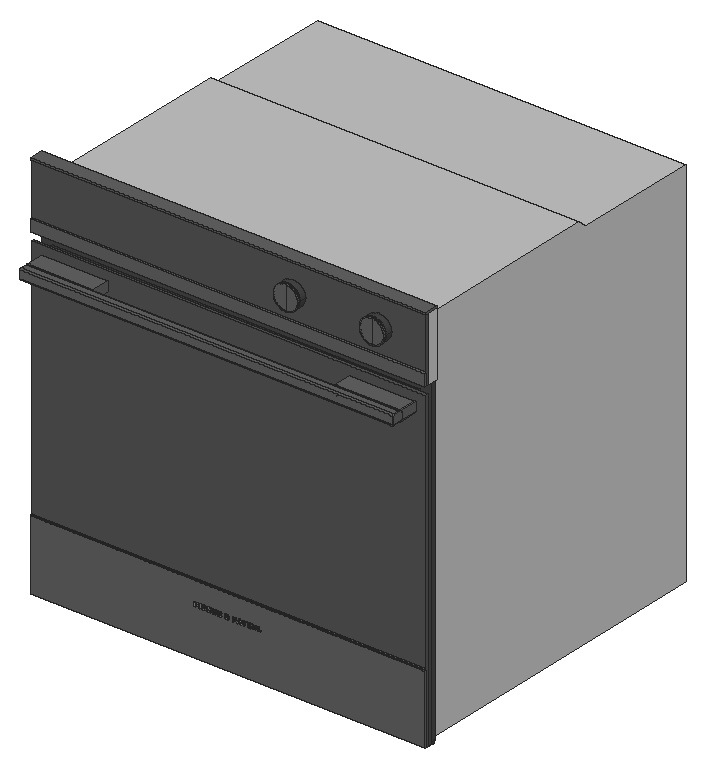
Revit family "FP_Revit_18_OB60SD9PB1_Oven_90000942A", category Specialty Equipment, Revit 2018
Family settings
  Round Connector Dimension = Use Diameter
  Part Type = Normal
  OmniClass Number = 23.40.40.14.17.11
  OmniClass Title = Cookers, Ovens, Stoves
  Work Plane-Based = No
  Always vertical = Yes
  Cut with Voids When Loaded = Yes
  Shared = No
  Room Calculation Point = No
Parameters (values of type "OB60SD9PB1")
  Visibility - Clearance Required = yes
  URL = "www.fisherpaykel.com"
  Product - Width = 596 mm  # constant formula
  Product - Height = 598 mm  # constant formula
  Product - Depth = 565 mm  # constant formula
  Model = "OB60SD9PB1"
  Material - Trim = Fisher & Paykel - Aluminium, Dark
  Material - Structure = Fisher & Paykel - Black
  Material - Handle = Fisher & Paykel - Aluminium, Dark
  Material - Glass = Fisher & Paykel - Glass, Black
  Material - Buttons and Dials = Fisher & Paykel - Black
  Material - Body = Fisher & Paykel - Grey
  Manufacturer = "Fisher & Paykel Appliances"
  FFL Offset [instance] = 200 mm
  Description = "60cm Built-In Oven"
  Connector Note - Electrical = "230 V, 60 Hz, 13.3 A"
  Chassis - Width = 556 mm  # constant formula
  Chassis - Height = 575 mm  # constant formula
  Chassis - Depth = 545 mm  # constant formula
  Cavity - Width = 600 mm  # constant formula
  Cavity - Height = 600 mm  # constant formula
  Cavity - Depth = 550 mm  # constant formula
Reference planes
  plane 1 "Datum": y = 0
  plane 2: z = 0
  plane 3 "Center (Left/Right)": x = 0
  plane 4 "Cavity": z = 780
  plane 5 "Product Height": z = 798
  plane 6 "Product LHS": x = -298
  plane 7 "Product RHS": x = 298
  plane 8 "Cavity LHS": x = -300
  plane 9 "Cavity RHS": x = 300
  plane 10 "Cavity - Depth": y = 550
  plane 11 "Product Depth": y = 545
  plane 12 "Front Face": y = -20
  plane 13 "FFL Offset": z = 200
  plane 14 "Cavity Height": z = 800
Forms (mm)
  Extrusion 1, solid, material "Fisher & Paykel - Grey" <- "Material - Body"
    sketch origin (0, 0, 0) x (0, 1, 0) y (0, 0, 1)
      loop
        line (0, 200) -> (525, 200) -> (525, 393.99) -> (545, 413.99) -> (545, 609.73) -> (495, 659.73) -> (495, 764.6) -> (307.721, 764.6) -> (293.958, 775) -> (0, 775) -> (0, 200)
    from -278 to 278
  Extrusion 2, void
    sketch origin (0, 0, 0) x (1, 0, 0) y (0, 1, 0)
      loop
        line (-278, 495) -> (-229.13, 495) -> (-179.13, 545) -> (-278, 545) -> (-278, 495)
      loop
        line (278, 495) -> (278, 545) -> (94.617, 545) -> (114.617, 525) -> (199.13, 525) -> (229.13, 495) -> (278, 495)
    from 200 to 764.6
  Extrusion 3, solid, material "Fisher & Paykel - Aluminium, Dark" <- "Material - Trim"
    sketch origin (0, 0, 0) x (0, 1, 0) y (0, 0, 1)
      loop
        line (0, 798) -> (-20.5, 798) -> (-20.5, 795.1) -> (0, 795.1) -> (0, 798)
    from -298 to 298
  Extrusion 4, solid, material "Fisher & Paykel - Grey" <- "Material - Body"
    sketch origin (0, 0, 0) x (0, 1, 0) y (0, 0, 1)
      loop
        line (-16, 795.1) -> (-16, 698) -> (0, 698) -> (0, 795.1) -> (-16, 795.1)
    from -298 to 298
  Extrusion 5, solid, material "Fisher & Paykel - Glass, Black" <- "Material - Glass"
    sketch origin (0, 0, 0) x (1, 0, 0) y (0, 0, 1)
      loop
        line (-298, 685.2) -> (-298, 208.6) -> (298, 208.6) -> (298, 685.2) -> (-298, 685.2)
      loop
        line (-298, 698) -> (298, 698) -> (298, 794.5) -> (-298, 794.5) -> (-298, 698)
    from 16 to 20
  Extrusion 6, solid, material "Fisher & Paykel - Black" <- "Material - Structure"
    sketch origin (0, 0, 0) x (0, 1, 0) y (0, 0, 1)
      loop
        line (-13.8, 683.7) -> (-16, 683.7) -> (-16, 224.7) -> (-5, 224.7) -> (-5, 680.497) -> (-13.8, 683.7)
    from -277 to 277
  Extrusion 7, solid, material "Fisher & Paykel - Black" <- "Material - Structure"
    sketch origin (0, 0, 0) x (1, 0, 0) y (0, 0, 1)
      loop
        line (-295, 698) -> (-295, 209.536)
        arc (-295, 209.536) -> (-292.207, 202.793) -> (-285.464, 200) r 9.536
        line (-285.464, 200) -> (285.5, 200)
        arc (285.5, 200) -> (292.218, 202.782) -> (295, 209.5) r 9.5
        line (295, 209.5) -> (295, 698) -> (-295, 698)
    from 0 to 5
  Sweep 8, solid, material "Fisher & Paykel - Black"
    path origin (-195.035, 0, 0) x (0, 1, 0) y (0, 0, 1)
      loop
        line (478.272, 708.8) -> (498.6, 708.8)
        arc (498.6, 708.8) -> (507.085, 705.285) -> (510.6, 696.8) r 12
        line (510.6, 696.8) -> (510.6, 678.8)
    profile origin (-195.035, 488.436, 708.8) x (0, 0, 1) y (1, 0, 0)
      loop
        line (0, 11) -> (-11, 11) -> (-11, -11) -> (0, -11)
        arc (0, -11) -> (11, 0) -> (0, 11) r 11
  Extrusion 9, solid, material "Fisher & Paykel - Clearance Required", visible <- "Visibility - Clearance Required", detail levels coarse
    sketch origin (0, 0, 0) x (0, 1, 0) y (0, 0, 1)
      loop
        line (-21.6, 227.528) -> (-21.6, 200) -> (0, 200) -> (0, 800) -> (-21.6, 800) -> (-21.6, 685.18)
        arc (-21.6, 685.18) -> (-333.147, 559.899) -> (-479.9, 257.872) r 466.605
        line (-479.9, 257.872) -> (-465.169, 256.897) -> (-467.944, 214.989) -> (-455.498, 214.164) -> (-452.723, 256.073) -> (-21.6, 227.528)
    from -300 to 300
  Extrusion 10, solid, material "Fisher & Paykel - Clearance Required", visible <- "Visibility - Clearance Required", detail levels coarse
    sketch origin (0, 0, 0) x (1, 0, 0) y (0, 1, 0)
      loop
        line (-280, 0) -> (280, 0) -> (280, 550) -> (-280, 550) -> (-280, 0)
    from 200 to 780
  Extrusion 11, void
    sketch origin (0, 0, 0) x (1, 0, 0) y (0, 1, 0)
      loop
        line (-300, -21.6) -> (300, -21.6) -> (300, 0) -> (-300, 0) -> (-300, -21.6)
    from 200 to 800
  Extrusion 12, solid, material "Fisher & Paykel - Aluminium, Dark" <- "Material - Trim", detail levels medium+fine
    sketch origin (0, -2000, 0) x (0, 1, 0) y (0, 0, 1)
      loop
        line (1980, 316.326) -> (1978.666, 314.661)
        arc (1978.666, 314.661) -> (1978.468, 314.306) -> (1978.4, 313.905) r 1.209
        line (1978.4, 313.905) -> (1978.4, 208.6) -> (1980, 208.6) -> (1980, 316.326)
    from -298 to 298
  Extrusion 13, solid, material "Fisher & Paykel - Aluminium, Dark" <- "Material - Trim", detail levels fine
    sketch origin (0, 0, 0) x (0, 1, 0) y (0, 0, 1)
      loop
        line (-21.7, 715.525) -> (-21.7, 698) -> (-20, 698) -> (-20, 717.528) -> (-21.7, 715.525)
    from -298 to 298
  Extrusion 14, void
    sketch origin (0, 0, 0) x (1, 0, 0) y (0, 1, 0)
      loop
        line (-280, 550) -> (-280, 0) -> (280, 0) -> (280, 550) -> (-280, 550)
    from 200 to 780
  Extrusion 15, solid, material "Fisher & Paykel - Black" <- "Material - Buttons and Dials", detail levels medium+fine
    sketch origin (0, 0, 0) x (1, 0, 0) y (0, 0, 1)
      loop
        circle (226.982, 752.85) r 18.8
      loop
        circle (96.982, 752.85) r 18.797
    from 20 to 30.5
  Revolve 16, solid, material "Fisher & Paykel - Aluminium, Dark" <- "Material - Trim", detail levels medium+fine
    sketch origin (96.961, 0, 0) x (0, 1, 0) y (0, 0, 1)
      loop
        line (-33.5, 752.858) -> (-30.5, 752.858) -> (-30.5, 771.1)
        arc (-30.5, 771.1) -> (-30.66, 771.487) -> (-31.048, 771.647) r 0.548
        line (-31.048, 771.647) -> (-32.964, 771.647)
        arc (-32.964, 771.647) -> (-33.343, 771.49) -> (-33.5, 771.112) r 0.536
        line (-33.5, 771.112) -> (-33.5, 752.858)
      axis (-30.5, 752.858) -> (-33.5, 752.858)
    angle from 0 to 360
  Revolve 17, solid, material "Fisher & Paykel - Aluminium, Dark" <- "Material - Trim", detail levels medium+fine
    sketch origin (226.961, 0, 0) x (0, 1, 0) y (0, 0, 1)
      loop
        line (-33.5, 752.858) -> (-30.5, 752.858) -> (-30.5, 771.1)
        arc (-30.5, 771.1) -> (-30.66, 771.487) -> (-31.048, 771.647) r 0.548
        line (-31.048, 771.647) -> (-32.964, 771.647)
        arc (-32.964, 771.647) -> (-33.343, 771.49) -> (-33.5, 771.112) r 0.536
        line (-33.5, 771.112) -> (-33.5, 752.858)
      axis (-30.5, 752.858) -> (-33.5, 752.858)
    angle from 0 to 360
Cuts and joins
  Extrusion 2 cuts Extrusion 1
Lines and regions (mm)
  model lines, style "Fisher & Paykel"
    curve 1: line (217.5, -20, 334.2) -> (-217.5, -20, 334.2)
    curve 2: line (217.5, -20, 617.436) -> (217.5, -20, 334.2)
    curve 3: line (-217.5, -20, 617.436) -> (217.5, -20, 617.436)
    curve 4: line (-217.5, -20, 334.2) -> (-217.5, -20, 617.436)
Text (mm)
  text "Disclaimer:\nWe endeavor to maintain the accuracy of our 3D content.\nHowever, product details are subject to change without notice.\nPlease refer to the product Data Sheets for the most current product information." at (41.04, -568.295, 0), in view "Ref. Level (Plan)"
Dimensions and locks
  equal spacing: plane 6 "Product LHS", plane 3 "Center (Left/Right)", plane 7 "Product RHS"
  "Product - Width": plane 6 "Product LHS" to plane 7 "Product RHS"
  equal spacing: plane 8 "Cavity LHS", plane 3 "Center (Left/Right)", plane 9 "Cavity RHS"
  "Cavity - Width": plane 8 "Cavity LHS" to plane 9 "Cavity RHS"
  "Cavity - Depth": plane 10 "Cavity - Depth" to plane 1 "Datum"
  "Chassis - Depth": plane 11 "Product Depth" to plane 1 "Datum"
  plane 12 "Front Face" to plane 1 "Datum" = 20 mm
  "Product - Depth": plane 11 "Product Depth" to plane 12 "Front Face"
  "Chassis - Width": cut or joined group of Extrusion 1, Extrusion 2 to cut or joined group of Extrusion 1, Extrusion 2
  "FFL Offset": plane 13 "FFL Offset" to level
  "Product - Height": plane 5 "Product Height" to plane 13 "FFL Offset"
  "Cavity - Height": Extrusion 9 to plane 13 "FFL Offset"
  locked: plane 4 "Cavity" to plane 13 "FFL Offset" at 580
  locked: nested 2 to plane 13 "FFL Offset" at 78.956
  locked: Extrusion 5 to plane 13 "FFL Offset" at 8.6
  locked: Extrusion 6 to plane 13 "FFL Offset" at 24.7
  locked: Extrusion 12 to plane 13 "FFL Offset" at 8.6
  "Cavity - Height": plane 14 "Cavity Height" to plane 13 "FFL Offset"
  locked: cut or joined group of Extrusion 1, Extrusion 2 to plane 13 "FFL Offset" at 564.6
  locked: plane 5 "Product Height" to nested 1 at 125.8
  locked: curve 1 to plane 13 "FFL Offset" at 134.2
  locked: curve 3 to plane 13 "FFL Offset" at 417.436
  aligned and locked: level to plane 2
  aligned and locked: plane 8 "Cavity LHS" to Extrusion 9
  aligned and locked: Extrusion 9 to plane 9 "Cavity RHS"
  aligned and locked: Extrusion 1 sketch curve to plane 13 "FFL Offset"
  aligned and locked: Extrusion 1 to Extrusion 2
  aligned and locked: Extrusion 2 to Extrusion 1
  aligned and locked: plane 13 "FFL Offset" to Extrusion 9 sketch curve
  aligned and locked: plane 13 "FFL Offset" to Extrusion 7 sketch curve
  aligned and locked: Extrusion 14 to cut or joined group of Extrusion 1, Extrusion 2
  aligned and locked: plane 4 "Cavity" to Extrusion 14
  aligned and locked: plane 4 "Cavity" to Extrusion 10
  aligned and locked: Extrusion 10 to cut or joined group of Extrusion 1, Extrusion 2
  aligned and locked: Extrusion 11 to cut or joined group of Extrusion 1, Extrusion 2
  aligned and locked: Extrusion 11 to Extrusion 9
  aligned and locked: plane 14 "Cavity Height" to Extrusion 11
Automatic sketch dimensions
  Extrusion 1 sketch curve to plane 1 "Datum" = 0 mm
  Extrusion 1 sketch curve to plane 11 "Product Depth" = 0 mm
  Extrusion 1 sketch curve to plane 4 "Cavity" = 5 mm
  Extrusion 1 sketch curve to plane 11 "Product Depth" = 251.042 mm
  Extrusion 1 sketch curve to Extrusion 1 sketch curve = 13.762 mm
  Extrusion 1 sketch curve to plane 4 "Cavity" = 15.4 mm
  Extrusion 1 sketch curve to plane 11 "Product Depth" = 50 mm
  Extrusion 1 sketch curve to plane 11 "Product Depth" = 20 mm
  Extrusion 1 sketch curve to Extrusion 1 sketch curve = 193.99 mm
  Extrusion 1 sketch curve to Extrusion 1 sketch curve = 20 mm
  Extrusion 1 sketch curve to Extrusion 1 sketch curve = 154.87 mm
  Extrusion 1 sketch curve to Extrusion 1 sketch curve = 50 mm
  Extrusion 2 sketch curve to plane 11 "Product Depth" = 0 mm  (x2)
  Extrusion 2 sketch curve to plane 6 "Product LHS" = 20 mm
  Extrusion 2 sketch curve to Extrusion 2 sketch curve = 48.87 mm
  Extrusion 2 sketch curve to Extrusion 2 sketch curve = 50 mm  (x3)
  plane 3 "Center (Left/Right)" to Extrusion 2 sketch curve = 94.617 mm
  Extrusion 2 sketch curve to Extrusion 2 sketch curve = 20 mm
  Extrusion 2 sketch curve to plane 11 "Product Depth" = 20 mm
  Extrusion 2 sketch curve to Extrusion 2 sketch curve = 84.513 mm
  Extrusion 2 sketch curve to Extrusion 2 sketch curve = 30 mm
  plane 7 "Product RHS" to Extrusion 2 sketch curve = 20 mm
  Extrusion 3 sketch curve to plane 1 "Datum" = 0 mm
  Extrusion 3 sketch curve to plane 12 "Front Face" = 0.5 mm
  Extrusion 3 sketch curve to plane 5 "Product Height" = 2.9 mm
  plane 5 "Product Height" to Extrusion 3 sketch curve = 0 mm
  Extrusion 4 sketch curve to plane 1 "Datum" = 0 mm
  plane 12 "Front Face" to Extrusion 4 sketch curve = 4 mm
  Extrusion 4 sketch curve to plane 4 "Cavity" = 82 mm
  Extrusion 4 sketch curve to plane 5 "Product Height" = 2.9 mm
  plane 6 "Product LHS" to Extrusion 5 sketch curve = 0 mm  (x2)
  plane 7 "Product RHS" to Extrusion 5 sketch curve = 0 mm  (x2)
  plane 13 "FFL Offset" to Extrusion 5 sketch curve = 8.6 mm
  Extrusion 5 sketch curve to plane 4 "Cavity" = 94.8 mm
  Extrusion 5 sketch curve to Extrusion 5 sketch curve = 12.8 mm
  Extrusion 5 sketch curve to plane 5 "Product Height" = 3.5 mm
  plane 12 "Front Face" to Extrusion 6 sketch curve = 4 mm
  Extrusion 6 sketch curve to Extrusion 6 sketch curve = 2.2 mm
  plane 1 "Datum" to Extrusion 6 sketch curve = 5 mm
  plane 13 "FFL Offset" to Extrusion 6 sketch curve = 24.7 mm
  Extrusion 6 sketch curve to plane 4 "Cavity" = 99.503 mm
  Extrusion 6 sketch curve to Extrusion 6 sketch curve = 3.203 mm
  Extrusion 7 sketch curve to plane 6 "Product LHS" = 3 mm
  Extrusion 7 sketch curve to Extrusion 7 sketch curve = 9.536 mm
  plane 7 "Product RHS" to Extrusion 7 sketch curve = 12.5 mm
  plane 7 "Product RHS" to Extrusion 7 sketch curve = 3 mm
  Extrusion 7 sketch curve to plane 4 "Cavity" = 82 mm
  curve 1 to plane 6 "Product LHS" = 80.5 mm
  plane 7 "Product RHS" to curve 3 = 80.5 mm
  Sweep 8 sketch curve to plane 11 "Product Depth" = 46.4 mm
  Sweep 8 sketch curve to Sweep 8 sketch curve = 12 mm
  Sweep 8 sketch curve to plane 4 "Cavity" = 83.2 mm
  Sweep 8 sketch curve to Sweep 8 sketch curve = 20.328 mm
  Sweep 8 sketch curve to Sweep 8 sketch curve = 18 mm
  Sweep 8 sketch curve to profile plane = 0 mm  (x2)
  profile plane to Sweep 8 sketch curve = 11 mm
  Sweep 8 sketch curve to profile plane = 11 mm
  Extrusion 9 sketch curve to plane 14 "Cavity Height" = 0 mm
  Extrusion 9 sketch curve to plane 1 "Datum" = 0 mm
  plane 12 "Front Face" to Extrusion 9 sketch curve = 5.051 mm
  Extrusion 9 sketch curve to plane 12 "Front Face" = 1.6 mm  (x2)
  plane 13 "FFL Offset" to Extrusion 9 sketch curve = 56.073 mm
  Extrusion 9 sketch curve to Extrusion 9 sketch curve = 431.123 mm
  plane 13 "FFL Offset" to Extrusion 9 sketch curve = 14.164 mm
  Extrusion 9 sketch curve to Extrusion 9 sketch curve = 2.775 mm
  plane 13 "FFL Offset" to Extrusion 9 sketch curve = 56.897 mm
  Extrusion 9 sketch curve to Extrusion 9 sketch curve = 12.446 mm
  plane 13 "FFL Offset" to Extrusion 9 sketch curve = 57.872 mm
  Extrusion 9 sketch curve to Extrusion 9 sketch curve = 8.905 mm
  Extrusion 10 sketch curve to plane 10 "Cavity - Depth" = 0 mm
  plane 1 "Datum" to Extrusion 10 sketch curve = 0 mm
  Extrusion 10 sketch curve to plane 6 "Product LHS" = 18 mm
  plane 7 "Product RHS" to Extrusion 10 sketch curve = 18 mm
  plane 1 "Datum" to Extrusion 11 sketch curve = 0 mm
  Extrusion 11 sketch curve to plane 8 "Cavity LHS" = 0 mm
  Extrusion 11 sketch curve to plane 9 "Cavity RHS" = 0 mm
  Extrusion 11 sketch curve to plane 12 "Front Face" = 1.6 mm
  Extrusion 12 sketch curve to plane 12 "Front Face" = 0 mm
  Extrusion 12 sketch curve to plane 12 "Front Face" = 0.391 mm
  Extrusion 12 sketch curve to Extrusion 12 sketch curve = 0.943 mm
  Extrusion 12 sketch curve to Extrusion 12 sketch curve = 1.6 mm
  plane 13 "FFL Offset" to Extrusion 12 sketch curve = 8.6 mm
  Extrusion 12 sketch curve to Extrusion 12 sketch curve = 105.305 mm
  Extrusion 12 sketch curve to Extrusion 12 sketch curve = 1.664 mm
  Extrusion 13 sketch curve to plane 12 "Front Face" = 0 mm
  Extrusion 13 sketch curve to plane 12 "Front Face" = 1.7 mm
  Extrusion 13 sketch curve to plane 4 "Cavity" = 82 mm
  Extrusion 13 sketch curve to Extrusion 13 sketch curve = 17.525 mm
  Extrusion 13 sketch curve to Extrusion 13 sketch curve = 2.002 mm
  plane 1 "Datum" to Extrusion 14 sketch curve = 0 mm
  Extrusion 14 sketch curve to plane 10 "Cavity - Depth" = 0 mm
  Extrusion 14 sketch curve to plane 6 "Product LHS" = 18 mm
  plane 7 "Product RHS" to Extrusion 14 sketch curve = 18 mm
  Extrusion 15 sketch curve to plane 4 "Cavity" = 27.15 mm  (x2)
  plane 3 "Center (Left/Right)" to Extrusion 15 sketch curve = 96.982 mm
  plane 7 "Product RHS" to Extrusion 15 sketch curve = 71.018 mm
  Revolve 16 sketch curve to plane 4 "Cavity" = 8.888 mm
  Revolve 16 sketch curve to plane 12 "Front Face" = 13.5 mm
  Revolve 16 sketch curve to Revolve 16 sketch curve = 0.536 mm
  Revolve 16 sketch curve to Revolve 16 sketch curve = 1.917 mm
  Revolve 16 sketch curve to Revolve 16 sketch curve = 0.548 mm
  Revolve 16 sketch curve to Revolve 16 sketch curve = 18.254 mm
  Revolve 16 sketch curve to Revolve 16 sketch curve = 5.07 mm
  Revolve 16 sketch curve to Revolve 16 sketch curve = 2.465 mm
  Revolve 16 sketch curve to Revolve 16 sketch curve = 0 mm
  Revolve 17 sketch curve to plane 4 "Cavity" = 8.888 mm
  Revolve 17 sketch curve to plane 12 "Front Face" = 13.5 mm
  Revolve 17 sketch curve to Revolve 17 sketch curve = 0.536 mm
  Revolve 17 sketch curve to Revolve 17 sketch curve = 1.917 mm
  Revolve 17 sketch curve to Revolve 17 sketch curve = 0.548 mm
  Revolve 17 sketch curve to Revolve 17 sketch curve = 18.254 mm
  Revolve 17 sketch curve to Revolve 17 sketch curve = 5.07 mm
  Revolve 17 sketch curve to Revolve 17 sketch curve = 2.465 mm
  Revolve 17 sketch curve to Revolve 17 sketch curve = 0 mm
  radius of Extrusion 15 sketch curve = 18.8 mm
  radius of Extrusion 15 sketch curve = 18.797 mm
Nested families
  nested 1: "F&P Handle Contemporary Square OB60-24" at (0, -20, 664.222), type "Aluminium Dark"
  nested 2: "F&P Logo 100mm" at (0, -21.6, 278.956), type "Grey", detail levels fine
Connectors
  electrical at (-195.035, 505.1, 678.8), driven by "Connector Note - Electrical"
    settings: on Sweep 8, index 1, voltage 230 V, apparent load 0 VA, apparent load phase1 0 VA, apparent load phase2 0 VA, apparent load phase3 0 VA, power factor 1, load classification "Other", number of poles 1, system type 30, power factor state 1, is connector primary yes, connector utility no, sub classification motor no, connector description "230 V, 60 Hz, 13.3 A"
Definition of nested family "F&P Handle Contemporary Square OB60-24"
  Parameters (values of type "Aluminium Dark")
    URL = "www.fisherpaykel.com"
    Material - Handle = none
    Manufacturer = "Fisher & Paykel Appliances"
    Handle - Length = 565 mm
  Types (2): name
    Aluminium
    Aluminium Dark
  Reference planes
    plane 1 "Center (Front/Back)": y = 0
    plane 2: z = 0
    plane 3 "Center (Left/Right)": x = 0
    plane 4 "Product LHS": x = -282.5
    plane 5 "Product RHS": x = 282.5
    plane 6 "LHS Standoff": x = -182.495
    plane 7 "RHS Standoff": x = 182.505
  Forms (mm)
    Extrusion 1, solid, material <- "Material - Handle", detail levels fine
      sketch origin (0, 0, 0) x (0, 1, 0) y (0, 0, 1)
        loop
          arc (-28.701, 7.561) -> (-29.057, 7.868) -> (-29.514, 7.978) r 1
          line (-29.514, 7.978) -> (-40.5, 7.978)
          arc (-40.5, 7.978) -> (-41.561, 7.539) -> (-42, 6.478) r 1.5
          line (-42, 6.478) -> (-42, -6.522)
          arc (-42, -6.522) -> (-41.561, -7.583) -> (-40.5, -8.022) r 1.5
          line (-40.5, -8.022) -> (-29.487, -8.022)
          arc (-29.487, -8.022) -> (-29.029, -7.911) -> (-28.673, -7.602) r 1
          arc (-28.673, -7.602) -> (-26.256, -0.016) -> (-28.701, 7.561) r 13.038
      from -282.5 to 282.5
    Extrusion 2, solid, material <- "Material - Handle", detail levels fine
      sketch origin (0, 0, 0) x (0, 1, 0) y (0, 0, 1)
        loop
          arc (-28.23, 7.062) -> (-26.156, 0.008) -> (-28.198, -7.056) r 13.136
          arc (-28.198, -7.056) -> (-28.21, -7.463) -> (-27.86, -7.67) r 0.4
          line (-27.86, -7.67) -> (0, -7.67) -> (0, 7.678) -> (-27.893, 7.678)
          arc (-27.893, 7.678) -> (-28.244, 7.47) -> (-28.23, 7.062) r 0.4
      from 182.505 to 282.5
    Extrusion 3, solid, material <- "Material - Handle", detail levels fine
      sketch origin (0, 0, 0) x (0, 1, 0) y (0, 0, -1)
        loop
          arc (-28.23, -7.062) -> (-28.244, -7.47) -> (-27.893, -7.678) r 0.4
          line (-27.893, -7.678) -> (0, -7.678) -> (0, 7.67) -> (-27.86, 7.67)
          arc (-27.86, 7.67) -> (-28.21, 7.463) -> (-28.198, 7.056) r 0.4
          arc (-28.198, 7.056) -> (-26.156, -0.008) -> (-28.23, -7.062) r 13.136
      from 182.495 to 282.5
    Sweep 4, void
      path in 3D
        loop
          line (282.5, -29.514, 7.978) -> (282.5, -40.5, 7.978)
          arc (282.5, -40.5, 7.978) -> (282.5, -41.561, 7.539) -> (282.5, -42, 6.478) r 1.5
          line (282.5, -42, 6.478) -> (282.5, -42, -6.522)
          arc (282.5, -42, -6.522) -> (282.5, -41.561, -7.583) -> (282.5, -40.5, -8.022) r 1.5
          line (282.5, -40.5, -8.022) -> (282.5, -29.487, -8.022)
      profile origin (282.5, -35.007, 7.978) x (1, 0, 0) y (0, 0, 1)
        loop
          line (0, 0) -> (-1.3, 0) -> (0, -1.3) -> (0, 0)
    Sweep 5, void
      path in 3D
        loop
          line (-282.5, -29.487, -8.022) -> (-282.5, -40.5, -8.022)
          arc (-282.5, -40.5, -8.022) -> (-282.5, -41.561, -7.583) -> (-282.5, -42, -6.522) r 1.5
          line (-282.5, -42, -6.522) -> (-282.5, -42, 6.478)
          arc (-282.5, -42, 6.478) -> (-282.5, -41.561, 7.539) -> (-282.5, -40.5, 7.978) r 1.5
          line (-282.5, -40.5, 7.978) -> (-282.5, -29.514, 7.978)
      profile origin (-282.5, -35.007, 7.978) x (-1, 0, 0) y (0, 0, 1)
        loop
          line (0, 0) -> (-1.3, 0) -> (0, -1.3) -> (0, 0)
    Extrusion 6, void
      sketch origin (0, 0, 0) x (1, 0, 0) y (0, 0, 1)
        loop
          line (282.5, 7.978) -> (281.2, 7.978) -> (282.5, 6.678) -> (282.5, 7.978)
        loop
          line (282.5, -8.022) -> (282.5, -6.722) -> (281.2, -8.022) -> (282.5, -8.022)
      from 0 to 40
    Extrusion 7, void
      sketch origin (0, 0, 0) x (1, 0, 0) y (0, 0, 1)
        loop
          line (-282.5, 7.978) -> (-282.5, 6.678) -> (-281.2, 7.978) -> (-282.5, 7.978)
        loop
          line (-282.5, -8.022) -> (-281.2, -8.022) -> (-282.5, -6.722) -> (-282.5, -8.022)
      from 0 to 40
    Extrusion 8, solid, material <- "Material - Handle", detail levels coarse+medium
      sketch origin (0, 0, 0) x (1, 0, 0) y (0, 1, 0)
        loop
          line (-282.5, -42) -> (282.5, -42) -> (282.5, 0) -> (182.505, 0) -> (182.505, -26.156) -> (-182.495, -26.156) -> (-182.495, 0) -> (-282.5, 0) -> (-282.5, -42)
      from -8.022 to 7.978
  Cuts and joins
    Sweep 4, Sweep 5, Extrusion 6, Extrusion 7 cuts Extrusion 1
    Extrusion 6 cuts Extrusion 2
    Extrusion 7 cuts Extrusion 3
  Lines and regions (mm)
    sketch lines
      curve 1: line (282.5, -29.514, 7.978) -> (282.5, -40.5, 7.978)
      curve 2: arc (282.5, -42, 6.478) -> (282.5, -41.561, 7.539) -> (282.5, -40.5, 7.978) r 1.5
      curve 3: line (282.5, -42, 6.478) -> (282.5, -42, -6.522)
      curve 4: arc (282.5, -40.5, -8.022) -> (282.5, -41.561, -7.583) -> (282.5, -42, -6.522) r 1.5
      curve 5: line (282.5, -40.5, -8.022) -> (282.5, -29.487, -8.022)
      curve 6: line (-282.5, -40.5, 7.978) -> (-282.5, -29.514, 7.978)
      curve 7: arc (-282.5, -40.5, 7.978) -> (-282.5, -41.561, 7.539) -> (-282.5, -42, 6.478) r 1.5
      curve 8: line (-282.5, -42, -6.522) -> (-282.5, -42, 6.478)
      curve 9: arc (-282.5, -42, -6.522) -> (-282.5, -41.561, -7.583) -> (-282.5, -40.5, -8.022) r 1.5
      curve 10: line (-282.5, -29.487, -8.022) -> (-282.5, -40.5, -8.022)
  Dimensions and locks
    equal spacing: plane 4 "Product LHS", plane 3 "Center (Left/Right)", plane 5 "Product RHS"
    "Handle - Length": plane 4 "Product LHS" to plane 5 "Product RHS"
    locked: plane 4 "Product LHS" to plane 6 "LHS Standoff" at 100.005
    locked: plane 7 "RHS Standoff" to plane 5 "Product RHS" at 99.995
    aligned and locked: level to plane 2
    aligned and locked: Extrusion 1 to plane 5 "Product RHS"
    aligned and locked: plane 4 "Product LHS" to Extrusion 1
    aligned and locked: Extrusion 2 to plane 5 "Product RHS"
    aligned and locked: plane 4 "Product LHS" to Extrusion 3
    aligned and locked: plane 4 "Product LHS" to Extrusion 8 sketch curve
    aligned and locked: Extrusion 8 sketch curve to plane 5 "Product RHS"
    aligned and locked: Extrusion 8 sketch curve to plane 7 "RHS Standoff"
    aligned and locked: plane 6 "LHS Standoff" to Extrusion 8 sketch curve
    aligned and locked: Extrusion 2 to plane 7 "RHS Standoff"
    aligned and locked: plane 6 "LHS Standoff" to Extrusion 3
  Automatic sketch dimensions
    Extrusion 1 sketch curve to level = 6.522 mm
    plane 1 "Center (Front/Back)" to Extrusion 1 sketch curve = 42 mm
    Extrusion 1 sketch curve to Extrusion 1 sketch curve = 1.5 mm  (x2)
    Extrusion 1 sketch curve to level = 0.04 mm
    Extrusion 1 sketch curve to Extrusion 1 sketch curve = 1.206 mm
    level to Extrusion 1 sketch curve = 6.978 mm
    Extrusion 1 sketch curve to Extrusion 1 sketch curve = 10.986 mm
    Extrusion 1 sketch curve to Extrusion 1 sketch curve = 11.013 mm
    Extrusion 1 sketch curve to Extrusion 1 sketch curve = 1 mm
    level to Extrusion 1 sketch curve = 6.478 mm
    Extrusion 1 sketch curve to Extrusion 1 sketch curve = 0 mm
    Extrusion 2 sketch curve to plane 1 "Center (Front/Back)" = 0 mm
    Extrusion 2 sketch curve to level = 7.67 mm
    Extrusion 2 sketch curve to Extrusion 2 sketch curve = 27.86 mm
    level to Extrusion 2 sketch curve = 7.678 mm
    Extrusion 2 sketch curve to Extrusion 2 sketch curve = 0.033 mm
    Extrusion 2 sketch curve to level = 0.022 mm
    Extrusion 2 sketch curve to Extrusion 2 sketch curve = 11.398 mm
    Extrusion 2 sketch curve to Extrusion 2 sketch curve = 0.4 mm  (x2)
    Extrusion 2 sketch curve to Extrusion 2 sketch curve = 0 mm
    Extrusion 3 sketch curve to plane 1 "Center (Front/Back)" = 0 mm
    Extrusion 3 sketch curve to level = 7.67 mm
    Extrusion 3 sketch curve to Extrusion 3 sketch curve = 27.86 mm
    level to Extrusion 3 sketch curve = 7.678 mm
    Extrusion 3 sketch curve to Extrusion 3 sketch curve = 0.033 mm
    Extrusion 3 sketch curve to level = 0.022 mm
    Extrusion 3 sketch curve to Extrusion 3 sketch curve = 11.398 mm
    Extrusion 3 sketch curve to Extrusion 3 sketch curve = 0.4 mm  (x2)
    Extrusion 3 sketch curve to Extrusion 3 sketch curve = 0 mm
    profile plane to Sweep 4 sketch curve = 0 mm
    Sweep 4 sketch curve to profile plane = 0 mm
    Sweep 4 sketch curve to profile plane = 1.3 mm
    profile plane to Sweep 4 sketch curve = 1.3 mm
    Sweep 5 sketch curve to profile plane = 0 mm  (x2)
    profile plane to Sweep 5 sketch curve = 1.3 mm
    Sweep 5 sketch curve to profile plane = 1.3 mm
    plane 5 "Product RHS" to Extrusion 6 sketch curve = 0 mm  (x2)
    Extrusion 6 sketch curve to Extrusion 6 sketch curve = 1.3 mm  (x4)
    Extrusion 6 sketch curve to level = 6.722 mm
    level to Extrusion 6 sketch curve = 6.678 mm
    plane 4 "Product LHS" to Extrusion 7 sketch curve = 0 mm  (x2)
    Extrusion 7 sketch curve to plane 4 "Product LHS" = 1.3 mm  (x2)
    Extrusion 7 sketch curve to level = 8.022 mm
    level to Extrusion 7 sketch curve = 6.678 mm
    Extrusion 7 sketch curve to Extrusion 7 sketch curve = 1.3 mm  (x2)
    plane 1 "Center (Front/Back)" to Extrusion 8 sketch curve = 0 mm  (x2)
    Extrusion 8 sketch curve to Extrusion 8 sketch curve = 26.156 mm
    Extrusion 8 sketch curve to Extrusion 8 sketch curve = 42 mm
Definition of nested family "F&P Logo 100mm"
  Parameters (values of type "Chrome")
    URL = "www.fisherpaykel.com"
    Material - Logo = none
    Manufacturer = "Fisher & Paykel Appliances"
  Types (3): name
    (no name)
    Chrome
    Grey
  Reference planes
    plane 1 "Center (Front/Back)": y = 0
    plane 2: z = 0
    plane 3 "Center (Left/Right)": x = 0
  Forms (mm)
    Extrusion 1, solid, material <- "Material - Logo", detail levels fine
      sketch origin (0, 0, 0) x (1, 0, 0) y (0, 0, 1)
        loop
          line (-50.044, 0) -> (-48.47, 0) -> (-48.47, 2.138) -> (-46.011, 2.138) -> (-46.011, 3.472) -> (-48.47, 3.472) -> (-48.47, 4.712) -> (-45.795, 4.712) -> (-45.795, 6.04) -> (-50.044, 6.04) -> (-50.044, 0)
        loop
          line (-42.804, 6.04) -> (-42.804, 0) -> (-41.23, 0) -> (-41.23, 6.04) -> (-42.804, 6.04)
        loop
          line (-30.724, 6.04) -> (-30.724, 0) -> (-29.151, 0) -> (-29.151, 2.42) -> (-26.839, 2.42) -> (-26.839, 0) -> (-25.265, 0) -> (-25.265, 6.04) -> (-26.839, 6.04) -> (-26.839, 3.748) -> (-29.151, 3.748) -> (-29.151, 6.04) -> (-30.724, 6.04)
        loop
          line (-21.906, 6.04) -> (-21.906, 0) -> (-17.602, 0) -> (-17.602, 1.328) -> (-20.347, 1.328) -> (-20.347, 2.42) -> (-17.838, 2.42) -> (-17.838, 3.748) -> (-20.347, 3.748) -> (-20.347, 4.712) -> (-17.602, 4.712) -> (-17.602, 6.04) -> (-21.906, 6.04)
        loop
          line (45.667, 6.04) -> (45.667, 0) -> (49.956, 0) -> (49.956, 1.328) -> (47.241, 1.328) -> (47.241, 6.04) -> (45.667, 6.04)
        loop
          line (42.431, 6.04) -> (38.112, 6.04) -> (38.112, 0) -> (42.431, 0) -> (42.431, 1.328) -> (39.687, 1.328) -> (39.687, 2.42) -> (42.195, 2.42) -> (42.195, 3.748) -> (39.687, 3.748) -> (39.687, 4.712) -> (42.431, 4.712) -> (42.431, 6.04)
        loop
          line (33.451, 3.148) -> (35.683, 6.04) -> (33.844, 6.04) -> (31.915, 3.542) -> (31.915, 6.04) -> (30.342, 6.04) -> (30.342, 0) -> (31.915, 0) -> (31.915, 2.705) -> (33.903, 0) -> (35.763, 0) -> (33.451, 3.148)
        loop
          line (21.98, 6.04) -> (24.262, 2.42) -> (24.262, 0) -> (25.837, 0) -> (25.837, 2.341) -> (28.119, 6.04) -> (26.446, 6.04) -> (25.099, 3.707) -> (23.753, 6.04) -> (21.98, 6.04)
        loop
          line (18.479, 6.04) -> (16.983, 6.04) -> (14.524, 0) -> (16.069, 0) -> (16.501, 1.112) -> (18.921, 1.112) -> (19.354, 0) -> (20.938, 0) -> (18.479, 6.04)
        loop
          line (18.4, 2.439) -> (17.693, 4.174) -> (17.018, 2.439) -> (18.4, 2.439)
        loop
          line (8.031, 6.04) -> (8.031, 0) -> (9.605, 0) -> (9.605, 1.938) -> (10.599, 1.938)
          arc (10.599, 1.938) -> (12.65, 3.989) -> (10.599, 6.04) r 2.051
          line (10.599, 6.04) -> (8.031, 6.04)
        loop
          line (9.605, 4.712) -> (9.605, 3.197) -> (10.501, 3.197)
          arc (10.501, 3.197) -> (11.259, 3.954) -> (10.501, 4.712) r 0.757
          line (10.501, 4.712) -> (9.605, 4.712)
        loop
          line (-11.783, 6.04) -> (-14.366, 6.04) -> (-14.366, 0) -> (-12.792, 0) -> (-12.792, 1.336) -> (-11.992, 1.336) -> (-10.972, 0) -> (-9.153, 0) -> (-10.694, 1.973)
          arc (-10.694, 1.973) -> (-9.678, 4.424) -> (-11.783, 6.04) r 2.179
        loop
          line (-11.897, 4.712) -> (-12.792, 4.712) -> (-12.792, 3.053) -> (-11.897, 3.053)
          arc (-11.897, 3.053) -> (-11.068, 3.882) -> (-11.897, 4.712) r 0.83
        loop
          line (0.477, 4.712) -> (0.477, 6.153) -> (-3.575, 6.153) -> (-3.575, 4.851) -> (-2.974, 4.112)
          arc (-2.974, 4.112) -> (-3.51, 0.684) -> (-0.045, 0.512) r 2.334
          line (-0.045, 0.512) -> (0.46, -0.109) -> (2.246, -0.109) -> (0.86, 1.594) -> (2.061, 3.324) -> (0.443, 3.324) -> (-0.013, 2.667) -> (-1.677, 4.712) -> (0.477, 4.712)
        loop
          arc (-2.125, 3.068) -> (-2.269, 1.668) -> (-0.868, 1.524) r 0.996
          line (-0.868, 1.524) -> (-2.125, 3.068)
        loop
          line (-35.18, 3.634) -> (-36.516, 3.91)
          arc (-36.516, 3.91) -> (-37.049, 4.443) -> (-36.516, 4.976) r 0.533
          arc (-36.516, 4.976) -> (-35.235, 4.79) -> (-34.059, 4.248) r 4.505
          line (-34.059, 4.248) -> (-34.059, 5.743)
          arc (-34.059, 5.743) -> (-35.549, 6.179) -> (-37.1, 6.109) r 4.726
          arc (-37.1, 6.109) -> (-38.536, 4.335) -> (-37.1, 2.561) r 1.814
          line (-37.1, 2.561) -> (-35.754, 2.282)
          arc (-35.754, 2.282) -> (-35.221, 1.749) -> (-35.754, 1.216) r 0.533
          arc (-35.754, 1.216) -> (-37.035, 1.402) -> (-38.211, 1.945) r 4.505
          line (-38.211, 1.945) -> (-38.211, 0.449)
          arc (-38.211, 0.449) -> (-36.72, 0.013) -> (-35.169, 0.083) r 4.726
          arc (-35.169, 0.083) -> (-33.734, 1.863) -> (-35.18, 3.634) r 1.814
      from 0 to 0.8
  Dimensions and locks
    aligned and locked: level to plane 2
